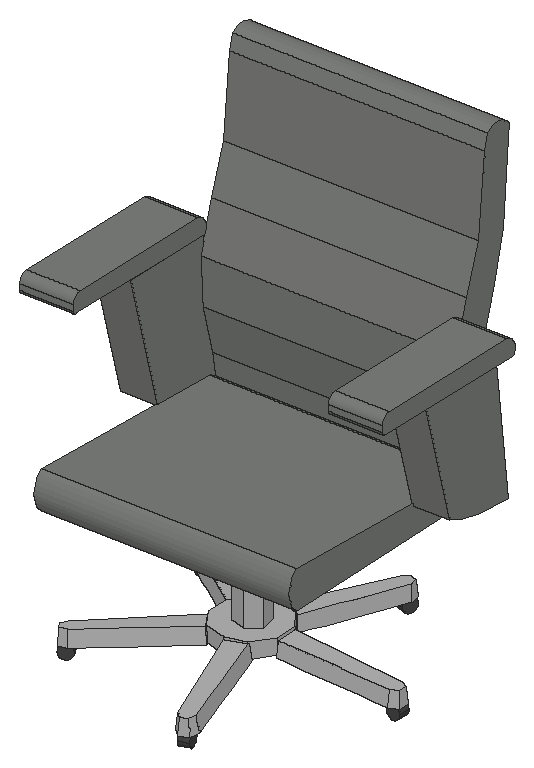
Revit family
Reference planes
  plane 1 "Center (Front/Back)": y = 0
  plane 2: z = 0
  plane 3 "Center (Left/Right)": x = 0
  plane 4: x = -303.507
  plane 5: x = 250
  plane 6: x = -276.507
  plane 7: x = 277
Forms (mm)
  Extrusion 1, solid, material "기본재질"
    sketch origin (0, 0, 0) x (0, 1, 0) y (0, 0, 1)
      loop
        line (268.043, 796.847) -> (235.795, 699.072) -> (204.809, 600.936) -> (210.065, 499.196) -> (236.021, 399.546) -> (252.673, 297.923)
        arc (252.673, 297.923) -> (281.997, 268.919) -> (314.161, 294.738) r 30.989
        line (314.161, 294.738) -> (301.189, 394.861) -> (283.04, 495.163) -> (278.462, 596.121) -> (307.666, 693.771) -> (332.924, 792.48) -> (345.442, 960.66) -> (348.057, 990.433)
        arc (348.057, 990.433) -> (321.608, 1005.443) -> (292.647, 996.168) r 37.88
        line (292.647, 996.168) -> (283.182, 965.606) -> (268.043, 796.847)
    from -276.507 to 277
  Extrusion 2, solid, material "기본재질"
    sketch origin (277, 0, 0) x (0, 1, 0) y (0, 0, 1)
      loop
        line (197.676, 676.756) -> (-120.084, 675.383)
        arc (-120.084, 675.383) -> (-134.049, 669.599) -> (-139.833, 655.634) r 19.749
        line (-139.833, 655.634) -> (-139.342, 642.937)
        arc (-139.342, 642.937) -> (-137.637, 638.821) -> (-133.521, 637.116) r 5.821
        line (-133.521, 637.116) -> (211.227, 637.116)
        arc (211.227, 637.116) -> (214.885, 638.199) -> (217.462, 641.011) r 7.138
        arc (217.462, 641.011) -> (219.128, 649.455) -> (218.877, 658.058) r 38.507
        arc (218.877, 658.058) -> (211.157, 670.673) -> (197.676, 676.756) r 25.115
    from 0 to 116.296
  Extrusion 3, solid, material "기본재질"
    sketch origin (277, 0, 0) x (0, 1, 0) y (0, 0, 1)
      loop
        line (14.72, 635.616) -> (88.483, 360.327) -> (122.438, 347.969) -> (166.284, 337.846) -> (247.024, 332.393) -> (211.308, 635.616) -> (14.72, 635.616)
    from 0 to 80.296
  Extrusion 4, solid, material "기본재질"
    sketch origin (277, 0, 0) x (0, 1, 0) y (0, 0, 1)
      loop
        arc (-226.809, 374.871) -> (-247.321, 334.761) -> (-226.809, 294.65) r 49.472
        line (-226.809, 294.65) -> (223.056, 305.329)
        arc (223.056, 305.329) -> (249.419, 329.994) -> (227.914, 358.991) r 27.117
        line (227.914, 358.991) -> (-226.809, 374.871)
    from -553.507 to 0
  Extrusion 5, solid, material "알루미늄"
    sketch origin (0, 0, 0) x (1, 0, 0) y (0, 1, 0)
      loop
        line (-75.396, 25.332) -> (-75.005, -25.496) -> (-48.544, -62.756) -> (1.095, -78.463) -> (42.817, -65.437) -> (73.09, -23.088) -> (73.583, 22.609) -> (43.39, 63.5) -> (0.083, 78.09) -> (-48.137, 62.011) -> (-75.396, 25.332)
    from 46.511 to 81.434
  Extrusion 6, solid, material "알루미늄"
    sketch origin (0, 0, 0) x (1, 0, 0) y (0, 1, 0)
      loop
        line (-33.287, 10.816) -> (-26.01, -23.42) -> (7.277, -34.235) -> (33.287, -10.816) -> (26.01, 23.42) -> (-7.277, 34.235) -> (-33.287, 10.816)
    from 81.38 to 294.671
  SweptBlend 7, solid, material "알루미늄"
    path origin (78.236, -238.661, 21.479) x (0.948607, 0.308221, 0.071727) y (-0.068217, -0.022165, 0.997424)
      loop
        line (-290.285, 60.784) -> (-290.285, 27.783)
    profile origin (-201.277, -329.48, 61.285) x (0.948607, 0.308221, 0.071727) y (0.309017, -0.951057, 0)
      loop
        line (225.847, -206.47) -> (0, -139.725) -> (-16.534, -143.578) -> (-21.327, -158.331) -> (-10.216, -171.166) -> (212.195, -250.083) -> (225.847, -206.47)
    end profile origin (-199.026, -328.749, 28.369) x (0.948607, 0.308221, 0.071727) y (0.309017, -0.951057, 0)
      loop
        line (210.7, -254.858) -> (227.341, -201.697) -> (0.161, -134.559) -> (-20.397, -139.349) -> (-26.938, -159.481) -> (-13.122, -175.44) -> (210.7, -254.858)
  Extrusion 8, solid, material "바퀴01"
    sketch origin (80.248, -175.834, 0) x (0.819152, 0.573576, 0) y (0, 0, 1)
      loop
        circle (-280.729, 14.978) r 14.978
    from -196.159 to -173.461
  SweptBlend 9, solid, material "알루미늄"
    path origin (-203.903, -150.161, 21.479) x (0.586271, -0.806933, 0.071727) y (-0.04216, 0.058029, 0.997424)
      loop
        line (-290.285, 60.784) -> (-290.285, 27.783)
    profile origin (-376.652, 87.607, 61.285) x (0.586271, -0.806933, 0.071727) y (-0.809017, -0.587785, 0)
      loop
        line (225.847, -206.47) -> (0, -139.725) -> (-16.534, -143.578) -> (-21.327, -158.331) -> (-10.216, -171.166) -> (212.195, -250.083) -> (225.847, -206.47)
    end profile origin (-375.26, 85.692, 28.369) x (0.586271, -0.806933, 0.071727) y (-0.809017, -0.587785, 0)
      loop
        line (210.7, -254.858) -> (227.341, -201.697) -> (0.161, -134.559) -> (-20.397, -139.349) -> (-26.938, -159.481) -> (-13.122, -175.44) -> (210.7, -254.858)
  Extrusion 10, solid, material "바퀴01"
    sketch origin (-143.529, -132.66, 0) x (0.798636, -0.601815, 0) y (0, 0, 1)
      loop
        circle (-280.729, 14.978) r 14.978
    from -196.159 to -173.461
  SweptBlend 11, solid, material "알루미늄"
    path origin (-205.881, 145.91, 21.479) x (-0.586271, -0.806933, 0.071727) y (0.04216, 0.058029, 0.997424)
      loop
        line (-290.285, 60.784) -> (-290.285, 27.783)
    profile origin (-33.133, 383.678, 61.285) x (-0.586271, -0.806933, 0.071727) y (-0.809017, 0.587785, 0)
      loop
        line (225.847, -206.47) -> (0, -139.725) -> (-16.534, -143.578) -> (-21.327, -158.331) -> (-10.216, -171.166) -> (212.195, -250.083) -> (225.847, -206.47)
    end profile origin (-34.524, 381.763, 28.369) x (-0.586271, -0.806933, 0.071727) y (-0.809017, 0.587785, 0)
      loop
        line (210.7, -254.858) -> (227.341, -201.697) -> (0.161, -134.559) -> (-20.397, -139.349) -> (-26.938, -159.481) -> (-13.122, -175.44) -> (210.7, -254.858)
  Extrusion 12, solid, material "바퀴01"
    sketch origin (-170.581, 93.899, 0) x (-0.325568, -0.945519, 0) y (0, 0, 1)
      loop
        circle (-280.729, 14.978) r 14.978
    from -196.159 to -173.461
  SweptBlend 13, solid, material "알루미늄"
    path origin (75.171, 239.522, 21.479) x (-0.948607, 0.308221, 0.071727) y (0.068217, -0.022165, 0.997424)
      loop
        line (-290.285, 60.784) -> (-290.285, 27.783)
    profile origin (354.684, 148.703, 61.285) x (-0.948607, 0.308221, 0.071727) y (0.309017, 0.951057, 0)
      loop
        line (225.847, -206.47) -> (0, -139.725) -> (-16.534, -143.578) -> (-21.327, -158.331) -> (-10.216, -171.166) -> (212.195, -250.083) -> (225.847, -206.47)
    end profile origin (352.433, 149.434, 28.369) x (-0.948607, 0.308221, 0.071727) y (0.309017, 0.951057, 0)
      loop
        line (210.7, -254.858) -> (227.341, -201.697) -> (0.161, -134.559) -> (-20.397, -139.349) -> (-26.938, -159.481) -> (-13.122, -175.44) -> (210.7, -254.858)
  Extrusion 14, solid, material "바퀴01"
    sketch origin (36.614, 189.877, 0) x (-0.999848, 0.017452, 0) y (0, 0, 1)
      loop
        circle (-280.729, 14.978) r 14.978
    from -196.159 to -173.461
  Extrusion 15, solid, material "기본재질"
    sketch origin (-277, 0, 0) x (0, 1, 0) y (0, 0, -1)
      loop
        arc (197.676, -676.756) -> (211.157, -670.673) -> (218.877, -658.058) r 25.115
        arc (218.877, -658.058) -> (219.128, -649.455) -> (217.462, -641.011) r 38.507
        arc (217.462, -641.011) -> (214.885, -638.199) -> (211.227, -637.116) r 7.138
        line (211.227, -637.116) -> (-133.521, -637.116)
        arc (-133.521, -637.116) -> (-137.637, -638.821) -> (-139.342, -642.937) r 5.821
        line (-139.342, -642.937) -> (-139.833, -655.634)
        arc (-139.833, -655.634) -> (-134.049, -669.599) -> (-120.084, -675.383) r 19.749
        line (-120.084, -675.383) -> (197.676, -676.756)
    from 0 to 116.296
  Extrusion 16, solid, material "기본재질"
    sketch origin (-277, 0, 0) x (0, 1, 0) y (0, 0, -1)
      loop
        line (14.72, -635.616) -> (211.308, -635.616) -> (247.024, -332.393) -> (166.284, -337.846) -> (122.438, -347.969) -> (88.483, -360.327) -> (14.72, -635.616)
    from 0 to 80.296
  SweptBlend 17, solid, material "알루미늄"
    path origin (251.242, 1.234, 21.479) x (0, 0.997424, 0.071727) y (0, -0.071727, 0.997424)
      loop
        line (-290.285, 60.784) -> (-290.285, 27.783)
    profile origin (251.242, -292.663, 61.285) x (0, 0.997424, 0.071727) y (1, 0, 0)
      loop
        line (225.847, -206.47) -> (0, -139.725) -> (-16.534, -143.578) -> (-21.327, -158.331) -> (-10.216, -171.166) -> (212.195, -250.083) -> (225.847, -206.47)
    end profile origin (251.242, -290.296, 28.369) x (0, 0.997424, 0.071727) y (1, 0, 0)
      loop
        line (210.7, -254.858) -> (227.341, -201.697) -> (0.161, -134.559) -> (-20.397, -139.349) -> (-26.938, -159.481) -> (-13.122, -175.44) -> (210.7, -254.858)
  Extrusion 18, solid, material "바퀴01"
    sketch origin (192.112, 22.562, 0) x (-0.292372, 0.956305, 0) y (0, 0, 1)
      loop
        circle (-280.729, 14.978) r 14.978
    from -196.159 to -173.461
Dimensions and locks
  plane 4 to plane 5 = 553.507 mm
  plane 3 "Center (Left/Right)" to plane 5 = 250 mm
  plane 4 to plane 3 "Center (Left/Right)" = 303.507 mm
